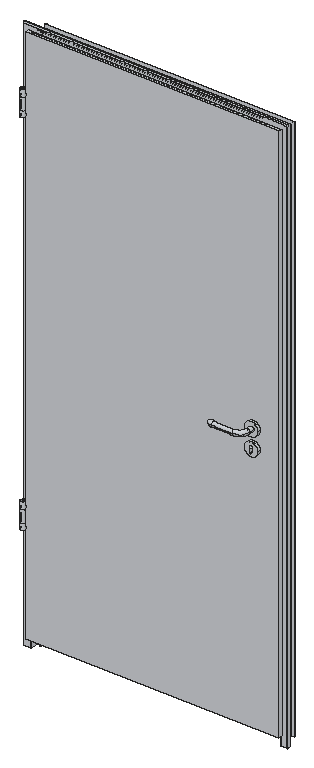
Revit family "BOS-Eckzarge-Eud-Dübelloch-MW_Familie", category Türen, Revit 2017 (continued)
Definition of nested family "BOS-Info-Texte_Beschriftung"
  Types (12, lengths in mm): name | Unten | Schwarz | Rot | Oben | Info-Text En unten | Info-Text De unten | Info-Text En oben | Info-Text De oben | Warndreieck | Fehlerkreis | Deutsch unten schwarz | Deutsch oben rot | Deutsch oben schwarz
    Drückerhöhe Warnung | yes | yes | no | no | "Please take the handle depth/height and/or DIN opening direction into account" | "Drückertiefen/-höhen und/oder DIN Richtungen beachten/anpassen!" | "Kein Text" | "Kein Text" | yes | no | yes | no | no
    Maulweite-Dehnungsfuge Fehlermeldung | no | yes | no | yes | "Kein Text" | "Kein Text" | "Check the wall thickness and/or expansion joint!" | "Wandstärke und/oder Dehnungsfuge prüfen!" | no | yes | no | no | yes
    Technische Hinweise Norm | no | yes | no | yes | "Kein Text" | "Kein Text" | "Due to manufacturing reasons this Revit family may not be changed\r\nwithout consulting BOS!\r\n\r\nThe solid and stud walls or, for example, their profiles,\r\nmust be designed so that they can reliably and sustainably\r\nabsorb the static and dynamic forces resulting\r\nfrom the load on the door element used." | "Diese Revit-Familie darf aus fertigungstechnischen Gründen\r\nnicht ohne Rücksprache mit BOS abgeändert werden!\r\n\r\nDie Massiv- und Ständerwerkswände bzw. deren Profile\r\nmüssen so ausgebildet sein, dass sie die statischen\r\nund dynamischen Kräfte, welche sich aus der Belastung\r\nder verwendeten Türelements ergeben, zuverlässig\r\nund nachhaltig aufnehmen können." | no | no | no | no | yes
    Maßauswahl | no | no | yes | yes | "Kein Text" | "Kein Text" | "To choose  Rebate Width/Height Measurement, Receiving Opening\r\nsee 'Features'" | "Auswahl von FMB, FMH, MW\r\nunter 'Eigenschaften'" | no | no | no | yes | no
    Rohbaumaß Warnung | no | yes | no | yes | "Kein Text" | "Kein Text" | "For DIN door leaves, select larger structural wall measurements!\r\nWhen changing the architrave widths, the structural measurements change accordingly." | "Bei DIN-Türblatt Rohbaumaße größer wählen!\r\nBei Änderung der Spiegelbreiten, Rohbaumaße beachten." | no | no | no | no | yes
    Drehpunkt Warnung | no | yes | no | yes | "Kein Text" | "Kein Text" | "Die Lage des Drehpunktes des Türblattes ist ungenau!\r\nBitte mit dem Bandhersteller abstimmen." | "Der tatsächliche Drehpunkt des Türblattes\r\nkann von der Darstellung abweichen!" | no | no | no | no | yes
  Reference planes
    plane 1: y = 0.955
    plane 2: x = 0
  Lines and regions (mm)
    Filled region 1, type "Gefüllter Bereich Gelb", visible <- "Warndreieck"
      outline origin (-7.188, 1.747, 0) x (1, 0, 0) y (0, 1, 0)
        loop
          line (5.951, -3.033) -> (8.413, -3.033) -> (7.182, -0.9) -> (5.951, -3.033)
    Filled region 2, type "Gefüllter Bereich Rot", visible <- "Fehlerkreis"
      outline origin (0, -3.763, 0) x (1, 0, 0) y (0, 1, 0)
        loop
          circle (0, 3.1) r 1.5
        loop
          line (-0.937, 3.486) -> (-0.937, 2.686) -> (1.023, 2.686) -> (1.023, 3.486) -> (-0.937, 3.486)
    Filled region 3, type "Gefüllter Bereich Weiss", visible <- "Fehlerkreis"
      outline origin (-7.014, -2.062, 0) x (1, 0, 0) y (0, 1, 0)
        loop
          line (6.077, 1.785) -> (6.077, 0.985) -> (8.038, 0.985) -> (8.038, 1.785) -> (6.077, 1.785)
  Text (mm)
    label "Info-Text De oben schwarz" at (0.065, 1.415, 0), shows "Info-Text De oben", visible <- "Deutsch oben schwarz"
    label "!" at (0.065, -0.414, 0), shows "Ausrufezeichen", visible <- "Warndreieck"
    label "Info-Text En oben schwarz" at (0.065, 1.415, 0), shows "Info-Text En oben", visible <- "Englisch oben schwarz"
    label "Info-Text De unten schwarz" at (0.218, -2.468, 0), shows "Info-Text De unten", visible <- "Deutsch unten schwarz"
    label "Info-Text En unten schwarz" at (0.065, -2.419, 0), shows "Info-Text En unten", visible <- "Englisch unten schwarz"
    label "Info-Text En oben rot" at (0.065, 1.415, 0), shows "Info-Text En oben", visible <- "Englisch oben rot"
    label "Info-Text En unten rot" at (0.065, -2.419, 0), shows "Info-Text En unten", visible <- "Englisch unten rot"
    label "Info-Text De unten rot" at (0.065, -2.419, 0), shows "Info-Text De unten", visible <- "Deutsch unten rot"
    label "Info-Text De oben rot" at (-0.371, 1.396, 0), shows "Info-Text De oben", visible <- "Deutsch oben rot"
Definition of nested family "BOS-Logo_Modell"
  Parameters (values of type "BOS-Logo_Modell")
    URL = "www.BestOfSteel.de"
    Rechtliche Hinweise = "www.BestOfSteel.de/tools-downloads/bim-building-information-modeling/"
    Description = "BOS Logo"
    Keynote = "BOS Logo"
    BOS-Architekten-Beratung = "Tel.: +49 (0) 2572 203-203; E-Mail: architekten@BestOfSteel.de"
    Technische Infos rund um die Stahlzarge = "www.BestOfSteel.de/tools-downloads/technische-infos-rund-um-die-stahlzarge/"
    Abstand vertikal = 10 mm
    Abstand horizontal = 15 mm
  Reference planes
    plane 1: y = 0
    plane 2: z = 0
    plane 3: x = 0
    plane 4: x = -7
    plane 5: x = 7
    plane 6: y = 8.299
    plane 7: x = 15
    plane 8: y = 4.15
    plane 9: x = -15
    plane 10: y = 14.15
    plane 11: y = -5.85
  Dimensions and locks
    plane 4 to plane 3 to plane 5 = 7 mm, 7 mm
    "Abstand vertikal": plane 11 to plane 8 to plane 10
    plane 6 to plane 8 to plane 1 = 4.15 mm, 4.15 mm
    "Abstand horizontal": plane 9 to plane 3
    "Abstand horizontal": plane 3 to plane 7
    aligned and locked: level to plane 2
Definition of nested family "BOS-Dübellochstanzung-schräg_Detail"
  Parameters (values of type "BOS-Dübellochstanzung-schräg_Detail")
    URL = "www.BestOfSteel.de"
    Rechtliche Hinweise = "www.BestOfSteel.de/tools-downloads/bim-building-information-modeling"
    Technische Infos rund um die Stahlzarge = "www.BestOfSteel.de/tools-downloads/technische-infos-rund-um-die-stahlzarge"
    Putzwinkel vorne = 15 mm
    Manufacturer = "BOS GmbH Best Of Steel, Lütkenfelde 4, D-48282 Emsdetten"
    Falztiefe = 28.5 mm
    Einfügepunkt = 17 mm
    Description = "Dübellochstanzung schräg im Falz (versenkt)"
    Keynote = "BOS Detail"
    BOS-Architekten-Beratung = "Tel.: +49 (0) 2572 203-203; E-Mail: architekten@BestOfSteel.de"
  Reference planes
    plane 1: y = 0
    plane 2: z = 0
    plane 3: x = 0
    plane 4: x = 17
    plane 5: x = -8
    plane 6: y = -15
    plane 7: x = 8.5
    plane 8: y = 13.5
  Lines and regions (mm)
    detail lines, in view "Ref.-Ebene"
      curve 1: line (17.95, 12.849, 0) -> (-35.668, 49.592, 0)
      curve 2: arc (15.435, 19.396, 0) -> (16.572, 20.316, 0) -> (17, 21.714, 0) r 2.5
      curve 3: arc (11.396, 10.043, 0) -> (11.537, 9.679, 0) -> (11.807, 9.397, 0) r 1
      curve 4: arc (17, 4.199, 0) -> (16.661, 5.585, 0) -> (15.721, 6.657, 0) r 3
      curve 5: arc (14.264, 20.657, 0) -> (15.133, 21.148, 0) -> (15.502, 22.075, 0) r 1.5
      curve 6: arc (9.919, 9.782, 0) -> (10.272, 8.873, 0) -> (10.947, 8.168, 0) r 2.5
      curve 7: arc (15.5, 4.199, 0) -> (15.331, 4.892, 0) -> (14.86, 5.428, 0) r 1.5
      curve 8: line (11.396, 10.043, 0) -> (10.91, 12.799, 0)
      curve 9: line (10.91, 12.799, 0) -> (9.172, 14.015, 0)
      curve 10: line (9.172, 14.015, 0) -> (9.919, 9.782, 0)
      curve 11: line (13.285, 18.955, 0) -> (10.572, 14.996, 0)
      curve 12: line (15.721, 6.657, 0) -> (11.807, 9.397, 0)
      curve 13: line (15.435, 19.396, 0) -> (13.761, 20.569, 0)
      curve 14: line (13.761, 20.569, 0) -> (14.264, 20.657, 0)
      curve 15: line (13.285, 18.955, 0) -> (16.413, 19.539, 0)
      curve 16: line (16.413, 19.539, 0) -> (16.867, 19.229, 0)
      curve 17: line (16.867, 19.229, 0) -> (11.609, 11.557, 0)
      curve 18: line (11.609, 11.557, 0) -> (11.156, 11.868, 0)
      curve 19: line (11.156, 11.868, 0) -> (16.413, 19.539, 0)
      curve 20: line (10.572, 14.996, 0) -> (11.156, 11.868, 0)
      curve 21: line (14.86, 5.428, 0) -> (10.947, 8.168, 0)
      curve 22: line (9.172, 14.015, 0) -> (10.09, 15.326, 0)
      curve 23: line (12.843, 19.258, 0) -> (13.761, 20.569, 0)
      curve 52: line (0, 28.059, 0) -> (13.285, 18.955, 0)
      curve 53: line (0, 27.32, 0) -> (12.94, 18.452, 0)
      curve 54: line (0, 22.98, 0) -> (10.916, 15.499, 0)
      curve 55: line (0, 22.24, 0) -> (10.572, 14.996, 0)
    detail lines, in view "Ref.-Ebene", not visible
      curve 24: line (88.863, 48.448, 0) -> (35.244, 85.191, 0)
      curve 25: arc (86.348, 54.995, 0) -> (87.485, 55.915, 0) -> (87.913, 57.313, 0) r 2.5
      curve 26: arc (82.309, 45.642, 0) -> (82.45, 45.278, 0) -> (82.72, 44.996, 0) r 1
      curve 27: arc (87.913, 39.798, 0) -> (87.574, 41.184, 0) -> (86.633, 42.256, 0) r 3
      curve 28: arc (85.177, 56.256, 0) -> (86.046, 56.747, 0) -> (86.415, 57.674, 0) r 1.5
      curve 29: arc (80.831, 45.381, 0) -> (81.185, 44.472, 0) -> (81.859, 43.767, 0) r 2.5
      curve 30: arc (86.413, 39.798, 0) -> (86.243, 40.491, 0) -> (85.773, 41.027, 0) r 1.5
      curve 31: line (82.309, 45.642, 0) -> (81.823, 48.398, 0)
      curve 32: line (81.823, 48.398, 0) -> (80.085, 49.614, 0)
      curve 33: line (80.085, 49.614, 0) -> (80.831, 45.381, 0)
      curve 34: line (84.198, 54.554, 0) -> (81.484, 50.595, 0)
      curve 35: line (86.633, 42.256, 0) -> (82.72, 44.996, 0)
      curve 36: line (86.348, 54.995, 0) -> (84.673, 56.168, 0)
      curve 37: line (84.673, 56.168, 0) -> (85.177, 56.256, 0)
      curve 38: line (84.198, 54.554, 0) -> (87.326, 55.138, 0)
      curve 39: line (87.326, 55.138, 0) -> (87.779, 54.828, 0)
      curve 40: line (87.779, 54.828, 0) -> (82.522, 47.156, 0)
      curve 41: line (82.522, 47.156, 0) -> (82.068, 47.467, 0)
      curve 42: line (82.068, 47.467, 0) -> (87.326, 55.138, 0)
      curve 43: line (81.484, 50.595, 0) -> (82.068, 47.467, 0)
      curve 44: line (85.773, 41.027, 0) -> (81.859, 43.767, 0)
      curve 45: line (80.085, 49.614, 0) -> (81.003, 50.925, 0)
      curve 46: line (83.756, 54.857, 0) -> (84.673, 56.168, 0)
    reference lines, in view "Ref.-Ebene"
      curve 47: line (17, -2.239, 0) -> (17, 27.761, 0)
      curve 49: line (23.105, 13.5, 0) -> (2.786, 13.5, 0)
      curve 51: line (0, 9.785, 0) -> (0, 39.785, 0)
    reference lines, in view "Ref.-Ebene", not visible
      curve 48: line (87.913, 33.36, 0) -> (87.913, 63.36, 0)
      curve 50: line (94.018, 49.099, 0) -> (73.698, 49.099, 0)
  Dimensions and locks
    "Einfügepunkt": plane 3 to plane 4
    "Putzwinkel vorne": plane 1 to plane 6
    "Falztiefe": plane 8 to plane 6
    "Einfügepunkt": curve 51 to plane 4
    curve 55 to curve 54 to curve 1 to curve 53 to curve 52 = 0.61 mm locked, 1.79 mm locked, 1.79 mm locked, 0.61 mm locked
    aligned and locked: curve 49 to plane 8
    aligned and locked: curve 47 to plane 4
    aligned and locked: curve 51 to curve 52
    aligned and locked: curve 51 to curve 53
    aligned and locked: curve 51 to curve 54
    aligned and locked: curve 51 to curve 55
    aligned and locked: curve 11 to curve 52
    aligned and locked: curve 11 to curve 53
    aligned and locked: curve 11 to curve 54
    aligned and locked: curve 11 to curve 55
  Automatic sketch dimensions
    curve 4 to curve 7 = 0 mm  (x4)
    curve 9 to curve 10 = 0.746 mm
    curve 9 to curve 20 = 1.399 mm
    curve 9 to curve 8 = 1.738 mm
    curve 10 to curve 21 = 1.028 mm
    curve 8 to curve 19 = 0.246 mm
    curve 10 to curve 8 = 1.477 mm
    curve 18 to curve 18 = 0.454 mm
    curve 8 to curve 12 = 0.411 mm
    curve 8 to curve 6 = 0.985 mm
    curve 11 to curve 15 = 2.714 mm
    curve 11 to curve 23 = 0.475 mm
    curve 6 to curve 7 = 3.053 mm
    curve 13 to curve 5 = 0.243 mm
    curve 13 to curve 14 = 0.503 mm
    curve 5 to curve 2 = 0.496 mm
    curve 4 to curve 21 = 0.86 mm
    curve 14 to curve 13 = 1.171 mm
    curve 7 to curve 12 = 0.86 mm
    curve 13 to curve 15 = 0.977 mm
    curve 7 to curve 21 = 1.229 mm
    curve 7 to curve 12 = 1.229 mm
    curve 7 to curve 21 = 2.74 mm
    curve 21 to curve 12 = 1.229 mm
    curve 21 to curve 10 = 1.614 mm
    curve 8 to curve 17 = 1.514 mm
    curve 17 to curve 19 = 0.311 mm
    curve 18 to curve 9 = 0.931 mm
    curve 8 to curve 22 = 1.217 mm
    curve 9 to curve 20 = 0.98 mm
    curve 15 to curve 15 = 0.584 mm
    curve 13 to curve 15 = 0.143 mm
    curve 11 to curve 23 = 1.613 mm
    curve 13 to curve 14 = 0.089 mm
    curve 5 to curve 2 = 1.057 mm
    curve 2 to curve 5 = 0.42 mm
    curve 22 to curve 11 = 0.482 mm
    curve 23 to curve 11 = 0.442 mm
    curve 2 to curve 5 = 1.002 mm
    curve 3 to curve 1 = 5.569 mm
    curve 3 to curve 1 = 2.633 mm
    curve 27 to curve 30 = 0 mm  (x4)
    curve 32 to curve 33 = 0.746 mm
    curve 32 to curve 43 = 1.399 mm
    curve 32 to curve 31 = 1.738 mm
    curve 33 to curve 44 = 1.028 mm
    curve 31 to curve 42 = 0.246 mm
    curve 33 to curve 31 = 1.477 mm
    curve 41 to curve 41 = 0.454 mm
    curve 31 to curve 35 = 0.411 mm
    curve 31 to curve 29 = 0.985 mm
    curve 34 to curve 38 = 2.714 mm
    curve 34 to curve 46 = 0.475 mm
    curve 29 to curve 30 = 3.053 mm
    curve 36 to curve 28 = 0.243 mm
    curve 36 to curve 37 = 0.503 mm
    curve 28 to curve 25 = 0.496 mm
    curve 27 to curve 44 = 0.86 mm
    curve 37 to curve 36 = 1.171 mm
    curve 30 to curve 35 = 0.86 mm
    curve 36 to curve 38 = 0.977 mm
    curve 30 to curve 44 = 1.229 mm
    curve 30 to curve 35 = 1.229 mm
    curve 30 to curve 44 = 2.74 mm
    curve 44 to curve 35 = 1.229 mm
    curve 44 to curve 33 = 1.614 mm
    curve 31 to curve 40 = 1.514 mm
    curve 40 to curve 42 = 0.311 mm
    curve 41 to curve 32 = 0.931 mm
    curve 31 to curve 45 = 1.217 mm
    curve 32 to curve 43 = 0.98 mm
    curve 38 to curve 38 = 0.584 mm
    curve 36 to curve 38 = 0.143 mm
    curve 34 to curve 46 = 1.613 mm
    curve 36 to curve 37 = 0.089 mm
    curve 28 to curve 25 = 1.057 mm
    curve 25 to curve 28 = 0.42 mm
    curve 45 to curve 34 = 0.482 mm
    curve 46 to curve 34 = 0.442 mm
    curve 25 to curve 28 = 1.002 mm
    curve 26 to curve 24 = 5.569 mm
    curve 26 to curve 24 = 2.633 mm
    curve 49 to curve 47 = 14.214 mm
    curve 47 to curve 49 = 6.105 mm
    curve 47 to curve 49 = 15.739 mm
    curve 49 to curve 47 = 14.261 mm
    curve 50 to curve 48 = 14.214 mm
    curve 48 to curve 50 = 6.105 mm
    curve 48 to curve 50 = 15.739 mm
    curve 50 to curve 48 = 14.261 mm
    curve 3 to curve 6 = 0 mm  (x4)
    curve 1 to curve 5 = 49.672 mm
    curve 5 to curve 1 = 27.458 mm
    curve 26 to curve 29 = 0 mm  (x4)
    curve 24 to curve 28 = 49.672 mm
    curve 28 to curve 24 = 27.458 mm
    curve 53 to curve 52 = 0.345 mm
    curve 51 to plane 8 = 3.715 mm
    plane 8 to curve 51 = 26.285 mm
Types (2, lengths in mm): name | GT min. | Türblattversatz vertikal | Türblattversatz  horizontal | Türblattabstand 1 | Stumpf | Gefälzt | Türblattstärke 2 | Türblattstärke 1 | MW min. | MW max. | GT max. | GT Gesamttiefe | Falztiefe gesamt | Falztiefe | Dichtungsversatz vertikal 2 | Dichtungsversatz vertikal 1 | Drehpunktposition vertikal | Drehpunktposition horizontal | Drehpunktabstand (FM) horizontal | Drehpunktabstand (SP) vertikal | Bänder - Auswahl | Modell | GT Gesamttiefe_Zarge   Total Profile Depth | Eud | Esd | Beschreibung
  Eud | 68.5 | -3.5 | 11.5 | 1.5 | no | yes | 25.5 | 14.5 | 58.5 | 58.5 | 68.5 | 68.5 | 28.5 | 28.5 | 53.5 | 28.5 | 122.5 | 1509 | 21 | 12.5 | "3D Bänder gefälzt, Bandaufnahmen BVX11000" | "Eud" | 68.5 | yes | no | "Eckzarge mit Dübelloch schräg im Falz für Mauerwerk, gefälzt"
  Esd | 86.5 | 15.5 | 6 | -2 | yes | no | 40 | 0 | 76.5 | 76.5 | 86.5 | 86.5 | 46.5 | 46.5 | 71.5 | 46.5 | 123.5 | 1490.5 | 2.5 | 13.5 | "3D Bänder stumpf, Bandaufnahmen BVX11000" | "Esd" | 86.5 | no | yes | "Eckzarge mit Dübelloch schräg im Falz für Mauerwerk, stumpf"
